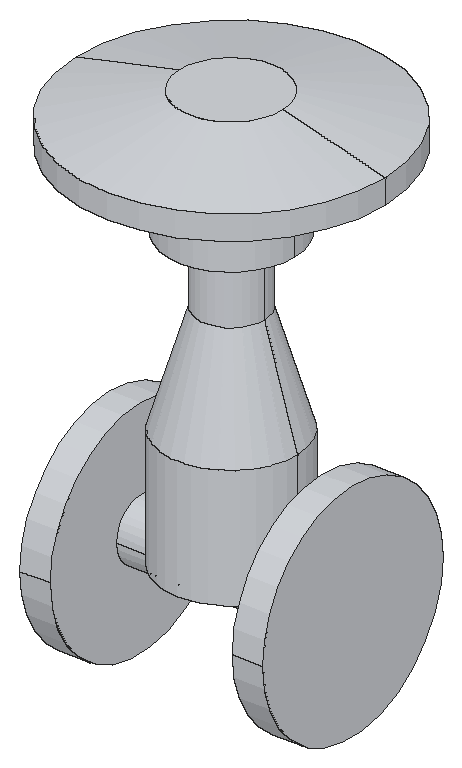
Revit family "949a34dc268a4460b12688a03d199592", category Pipe Accessories, Revit 2021
Family settings
  Round Connector Dimension = Use Radius
  Part Type = Valve - Breaks Into
  OmniClass Number = 23.65.55.14.17
  OmniClass Title = Adjusting/Controlling Valves for Liquid Services
  Seek Item ID = Diaphragm Valve - Straight - 0.5-2 Inch-0000-USA-ENU
  Work Plane-Based = No
  Always vertical = Yes
  Cut with Voids When Loaded = No
  Shared = No
Parameters (values of type "1/2"")
  Valve Material = none
  Stem Radius = Stem Diameter / 2  # 0' - 0 21/32"
  Stem Height = Bonnet Height 1 - 0' 0 1/8"  # 0' - 0 13/16"
  Stem Diameter = Handle Wheel Diameter 2 + 0' 0 1/4"  # 0' - 1 5/16"
  Pipe Outside Radius = Pipe Outside Diameter / 2  # 0' - 0 5/16"
  Pipe Outside Diameter = 1.25 * Nominal Diameter  # 0' - 0 5/8"
  Open Height = 0' - 4 3/8"
  Nominal Radius = 1/4"
  Nominal Diameter = Nominal Radius * 2  # 1/2"
  Length = tan(30.00°) * Body Length / 2  # 0' - 0.54127"
  K Coefficient = 0
  Handle Wheel Radius 2 = Handle Wheel Diameter 2 / 2  # 0' - 0 17/32"
  Handle Wheel Radius 1 = Handle Wheel Diameter 1 / 2  # 0' - 1 19/32"
  Handle Wheel Height = 0' - 0 1/2"
  Handle Wheel Diameter 2 = 0' - 1 1/16"
  Handle Wheel Diameter 1 = 3 * Handle Wheel Diameter 2  # 0' - 3 3/16"
  Flange Thickness = 0' - 0 5/16"
  Flange Radius = Flange Diameter / 2  # 0' - 1 5/32"
  Flange Diameter = 0' - 2 5/16"
  Default Elevation = 0' - 0"
  Bonnet Radius 2 = Bonnet Diameter 2 / 2  # 0' - 0 11/32"
  Bonnet Radius 1 = Bonnet Diameter 1 / 2  # 0' - 0 11/16"
  Bonnet Height 2 = Bonnet Diameter 2  # 0' - 0 11/16"
  Bonnet Height 1 = Bonnet Diameter 2 + 0' 0 1/4"  # 0' - 0 15/16"
  Bonnet Diameter 2 = 0' - 0 11/16"
  Bonnet Diameter 1 = 2 * Bonnet Diameter 2  # 0' - 1 3/8"
  Body Length = 0' - 1 7/8"
Types (5): name | Stem Radius | Stem Height | Stem Diameter | Pipe Outside Radius | Pipe Outside Diameter | Open Height | Nominal Radius | Nominal Diameter | Length | K Coefficient | Handle Wheel Radius 2 | Handle Wheel Radius 1 | Handle Wheel Height | Handle Wheel Diameter 2 | Handle Wheel Diameter 1 | Flange Thickness | Flange Radius | Flange Diameter | Bonnet Radius 2 | Bonnet Radius 1 | Bonnet Height 2 | Bonnet Height 1 | Bonnet Diameter 2 | Bonnet Diameter 1 | Body Length
  (no name) | 0' - 0 21/32" | 0' - 0 13/16" | 0' - 1 5/16" | 0' - 0 5/16" | 0' - 0 5/8" | 0' - 4 3/8" | 1/4" | 1/2" | 0' - 0.54127" | 0 | 0' - 0 17/32" | 0' - 1 19/32" | 0' - 0 1/2" | 0' - 1 1/16" | 0' - 3 3/16" | 0' - 0 5/16" | 0' - 1 5/32" | 0' - 2 5/16" | 0' - 0 11/32" | 0' - 0 11/16" | 0' - 0 11/16" | 0' - 0 15/16" | 0' - 0 11/16" | 0' - 1 3/8" | 0' - 1 7/8"
  1/2" | 0' - 0 21/32" | 0' - 0 13/16" | 0' - 1 5/16" | 0' - 0 5/16" | 0' - 0 5/8" | 0' - 4 3/8" | 1/4" | 1/2" | 0' - 0.54127" | 0 | 0' - 0 17/32" | 0' - 1 19/32" | 0' - 0 1/2" | 0' - 1 1/16" | 0' - 3 3/16" | 0' - 0 5/16" | 0' - 1 5/32" | 0' - 2 5/16" | 0' - 0 11/32" | 0' - 0 11/16" | 0' - 0 11/16" | 0' - 0 15/16" | 0' - 0 11/16" | 0' - 1 3/8" | 0' - 1 7/8"
  1" | 0' - 0 25/32" | 0' - 0 15/16" | 0' - 1 9/16" | 0' - 0 5/8" | 0' - 1 1/4" | 0' - 5 11/16" | 1/2" | 1" | 0' - 0.92015" | 0.01 | 0' - 0 21/32" | 0' - 1 31/32" | 0' - 0 3/4" | 0' - 1 5/16" | 0' - 3 15/16" | 0' - 0 9/16" | 0' - 1 1/2" | 0' - 3" | 0' - 0 13/32" | 0' - 0 13/16" | 0' - 0 13/16" | 0' - 1 1/16" | 0' - 0 13/16" | 0' - 1 5/8" | 0' - 3 3/16"
  1 1/2" | 0' - 0 25/32" | 0' - 0 15/16" | 0' - 1 9/16" | 0' - 0 15/16" | 0' - 1 7/8" | 0' - 6 5/16" | 3/4" | 1 1/2" | 0' - 1.19078" | 0.04 | 0' - 0 21/32" | 0' - 1 31/32" | 0' - 0 3/4" | 0' - 1 5/16" | 0' - 3 15/16" | 0' - 0 11/16" | 0' - 1 21/32" | 0' - 3 5/16" | 0' - 0 13/32" | 0' - 0 13/16" | 0' - 0 13/16" | 0' - 1 1/16" | 0' - 0 13/16" | 0' - 1 5/8" | 0' - 4 1/8"
  2" | 0' - 0 29/32" | 0' - 1 1/8" | 0' - 1 13/16" | 0' - 1 1/4" | 0' - 2 1/2" | 0' - 8 1/8" | 1" | 2" | 0' - 1.40729" | 0.04 | 0' - 0 25/32" | 0' - 2 11/32" | 0' - 1" | 0' - 1 9/16" | 0' - 4 11/16" | 0' - 0 13/16" | 0' - 2 1/8" | 0' - 4 1/4" | 0' - 0 1/2" | 0' - 1" | 0' - 1" | 0' - 1 1/4" | 0' - 1" | 0' - 2" | 0' - 4 7/8"
Reference planes (in)
  plane 1 "Center (Front/Back)": y = 0
  plane 2: z = 0
  plane 3 "Center (Left/Right)": x = 0
  plane 4: x = -0.9375
  plane 5: x = 0.9375
  plane 6: x = -1.25
  plane 7: x = 1.25
  plane 8: z = 0.3125
  plane 9: z = 1.25
  plane 10: z = 4.375
  plane 11: z = 3.875
  plane 12: z = 3.0625
  plane 13: z = 2.375
  plane 14: z = 4.125
  plane 15: y = 0.54127
  plane 16: y = -0.54127
Forms (in)
  Extrusion 1, solid, material <- "Valve Material", detail levels fine
    sketch origin (0, 0, 0) x (0, 1, 0) y (0, 0, 1)
      loop
        circle (0, 0) r 1.15625
    from -1.25 to -0.9375
  Extrusion 2, solid, material <- "Valve Material", detail levels fine
    sketch origin (0, 0, 0) x (0, 1, 0) y (0, 0, 1)
      loop
        circle (0, 0) r 1.15625
    from 0.9375 to 1.25
  Extrusion 3, solid, material <- "Valve Material", detail levels fine
    sketch origin (0, 0, 0) x (0, 1, 0) y (0, 0, 1)
      loop
        circle (0, 0) r 0.3125
    from -0.9375 to 0.9375
  Extrusion 4, solid, material <- "Valve Material", detail levels fine
    sketch origin (0, 0, 0) x (1, 0, 0) y (0, 1, 0)
      loop
        circle (0, 0) r 0.6875
    from 1.25 to 0
  Extrusion 5, solid, material <- "Valve Material", detail levels fine
    sketch origin (0, 0, 0) x (1, 0, 0) y (0, 1, 0)
      loop
        circle (0, 0) r 0.65625
    from 3.0625 to 3.875
  Extrusion 6, solid, material <- "Valve Material", detail levels fine
    sketch origin (0, 0, 0) x (1, 0, 0) y (0, 1, 0)
      loop
        circle (0, 0) r 0.34375
    from 2.375 to 3.0625
  Blend 7, solid, material <- "Valve Material", detail levels fine
    base sketch origin (0, 0, 0) x (1, 0, 0) y (0, 1, 0)
      loop
        circle (0, 0) r 0.6875
    top sketch origin (0, 0, 0) x (1, 0, 0) y (0, 1, 0)
      loop
        circle (0, 0) r 0.34375
    from 1.25 to 2.375
  Extrusion 8, solid, material <- "Valve Material", detail levels fine
    sketch origin (0, 0, 0) x (1, 0, 0) y (0, 1, 0)
      loop
        circle (0, 0) r 1.59375
    from 3.875 to 4.125
  Blend 9, solid, material <- "Valve Material", detail levels fine
    base sketch origin (0, 0, 0) x (1, 0, 0) y (0, 1, 0)
      loop
        circle (0, 0) r 1.59375
    top sketch origin (0, 0, 0) x (1, 0, 0) y (0, 1, 0)
      loop
        circle (0, 0) r 0.53125
    from 4.125 to 4.375
Cuts and joins
  joined: Extrusion 1, Extrusion 2, Extrusion 3, Extrusion 4, Extrusion 5, Extrusion 6, Blend 7, Extrusion 8, Blend 9
Lines and regions (in)
  model lines, detail levels coarse+medium
    curve 1: line (-1.25, -0.54127, 0) -> (-1.25, 0.54127, 0)
    curve 2: line (-1.25, 0.54127, 0) -> (1.25, 0.54127, 0)
    curve 3: line (1.25, 0.54127, 0) -> (1.25, -0.54127, 0)
    curve 4: line (1.25, -0.54127, 0) -> (0, 0.54127, 0)
    curve 5: line (-1.25, -0.54127, 0) -> (0, 0.54127, 0)
Dimensions and locks (in)
  equal spacing: plane 4, plane 3 "Center (Left/Right)", plane 5
  "Body Length": plane 4 to plane 5
  "Flange Thickness": plane 6 to plane 4
  "Flange Thickness": plane 5 to plane 7
  locked: plane 8 to plane 2 at 0.3125
  "Bonnet Height 1": plane 9 to plane 8
  "Open Height": plane 10 to plane 2
  "Handle Wheel Height": plane 10 to plane 11
  "Stem Height": plane 11 to plane 12
  "Bonnet Height 2": plane 12 to plane 13
  equal spacing: plane 10, plane 14, plane 11
  "Length": plane 15 to plane 1 "Center (Front/Back)"
  "Length": plane 1 "Center (Front/Back)" to plane 16
  "Flange Radius": radius of Extrusion 1 sketch curve
  "Flange Radius": radius of Extrusion 2 sketch curve
  "Pipe Outside Radius": radius of Extrusion 3 sketch curve
  "Bonnet Radius 1": radius of Extrusion 4 sketch curve
  "Stem Radius": radius of Extrusion 5 sketch curve
  "Bonnet Radius 2": radius of Extrusion 6 sketch curve
  "Bonnet Radius 1": radius of Blend 7 sketch curve
  "Bonnet Radius 2": radius of Blend 7 sketch curve
  "Handle Wheel Radius 1": radius of Extrusion 8 sketch curve
  "Handle Wheel Radius 1": radius of Blend 9 sketch curve
  "Handle Wheel Radius 2": radius of Blend 9 sketch curve
  aligned and locked: plane 1 "Center (Front/Back)" to Extrusion 1 sketch curve
  aligned and locked: plane 2 to Extrusion 1 sketch curve
  aligned and locked: Extrusion 1 to plane 6
  aligned and locked: plane 4 to Extrusion 1
  aligned and locked: Extrusion 2 to plane 5
  aligned and locked: plane 7 to Extrusion 2
  aligned and locked: plane 1 "Center (Front/Back)" to Extrusion 3 sketch curve
  aligned and locked: plane 2 to Extrusion 3 sketch curve
  aligned and locked: Extrusion 3 to plane 4
  aligned and locked: plane 5 to Extrusion 3
  aligned and locked: plane 3 "Center (Left/Right)" to Extrusion 4 sketch curve
  aligned and locked: plane 1 "Center (Front/Back)" to Extrusion 4 sketch curve
  aligned and locked: plane 3 "Center (Left/Right)" to Extrusion 5 sketch curve
  aligned and locked: plane 1 "Center (Front/Back)" to Extrusion 5 sketch curve
  aligned and locked: Extrusion 4 to plane 9
  aligned and locked: Extrusion 4 to plane 2
  aligned and locked: plane 11 to Extrusion 5
  aligned and locked: Extrusion 5 to plane 12
  aligned and locked: plane 3 "Center (Left/Right)" to Extrusion 6 sketch curve
  aligned and locked: plane 1 "Center (Front/Back)" to Extrusion 6 sketch curve
  aligned and locked: plane 12 to Extrusion 6
  aligned and locked: Extrusion 6 to plane 13
  aligned and locked: plane 3 "Center (Left/Right)" to Blend 7 sketch curve  (x2)
  aligned and locked: plane 1 "Center (Front/Back)" to Blend 7 sketch curve  (x2)
  aligned and locked: Blend 7 to plane 9
  aligned and locked: plane 13 to Blend 7
  aligned and locked: plane 3 "Center (Left/Right)" to Extrusion 8 sketch curve
  aligned and locked: plane 1 "Center (Front/Back)" to Extrusion 8 sketch curve
  aligned and locked: plane 3 "Center (Left/Right)" to Blend 9 sketch curve  (x2)
  aligned and locked: plane 1 "Center (Front/Back)" to Blend 9 sketch curve  (x2)
  aligned and locked: plane 14 to Extrusion 8
  aligned and locked: Extrusion 8 to plane 11
  aligned and locked: plane 10 to Blend 9
  aligned and locked: Blend 9 to plane 14
Automatic sketch dimensions
  Extrusion 2 sketch curve to level = 0' - 0"
  Extrusion 2 sketch curve to plane 1 "Center (Front/Back)" = 0' - 0"
  curve 5 to plane 6 = 0' - 0"
  curve 4 to plane 3 "Center (Left/Right)" = 0' - 0"
  curve 3 to plane 7 = 0' - 0"
  curve 1 to plane 16 = 0' - 0"
  curve 4 to plane 16 = 0' - 0"
  curve 2 to plane 15 = 0' - 0"
Connectors (in)
  piping at (-1.25, 0, 0), diameter 0.5, driven by "Nominal Radius"
    settings: on Extrusion 1, index 1, connector inside diameter 1/2", connector length 0' - 0", flow factor 0, pipe flow 0 GPM, pressure drop 0.00 psi, fitting loss kfactor 0, connector angle 0.00°, fixture units 0, engagement length 0' - 0", angle of deflection 0.00°, flow configuration 0, flow direction 0, fitting loss method 2, system type 29, joint type 0, gender type 0, connector reference index 2, connector utility 0, adjustable connector no, is connector primary yes, connector description ""
  piping at (1.25, 0, 0), diameter 0.5, driven by "Nominal Radius", driven by "K Coefficient"
    settings: on Extrusion 2, index 2, connector inside diameter 1/2", connector length 0' - 0", flow factor 0, pipe flow 0 GPM, pressure drop 0.00 psi, fitting loss kfactor 0, connector angle 0.00°, fixture units 0, engagement length 0' - 0", angle of deflection 0.00°, flow configuration 0, flow direction 0, fitting loss method 2, system type 29, joint type 0, gender type 0, connector reference index 1, connector utility 0, adjustable connector no, is connector primary no, connector description ""
